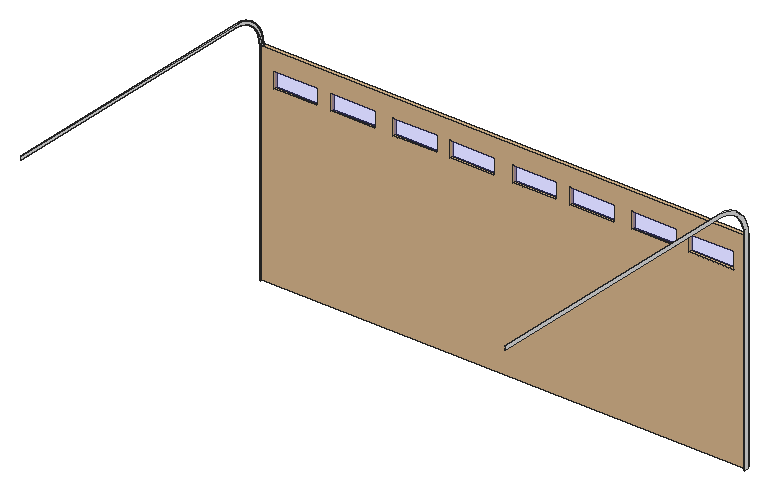
Revit family (continued)
Automatic sketch dimensions
  plane 25 to curve 62 = 0' - 1 1/2"
  curve 64 to plane 26 = 0' - 1 1/2"
  curve 56 to plane 26 = 0' - 1 1/2"
  curve 130 to plane 26 = 0' - 1 1/2"
  plane 27 to curve 23 = 0' - 1 1/2"
  plane 27 to curve 144 = 0' - 1 1/2"
  plane 27 to curve 104 = 0' - 1 1/2"
  plane 27 to curve 98 = 0' - 1 1/2"
  curve 6 to plane 28 = 0' - 1 1/2"
  curve 143 to plane 28 = 0' - 1 1/2"
  curve 21 to plane 28 = 0' - 1 1/2"
  curve 13 to plane 28 = 0' - 1 1/2"
  plane 9 to curve 329 = 0' - 2"
  plane 9 to curve 313 = 0' - 2"
  plane 9 to curve 312 = 0' - 2"
  plane 9 to curve 328 = 0' - 2"
  plane 9 to curve 345 = 0' - 2"
  plane 9 to curve 297 = 0' - 2"
  plane 9 to curve 296 = 0' - 2"
  plane 9 to curve 344 = 0' - 2"
  curve 342 to plane 23 = 0' - 2"
  curve 310 to plane 23 = 0' - 2"
  curve 295 to plane 23 = 0' - 2"
  curve 294 to plane 23 = 0' - 2"
  curve 311 to plane 23 = 0' - 2"
  curve 301 to plane 23 = 0' - 2"
  curve 326 to plane 23 = 0' - 2"
  curve 327 to plane 23 = 0' - 2"
  curve 343 to plane 23 = 0' - 2"
  plane 24 to curve 122 = 0' - 1 1/2"
  curve 123 to plane 10 = 0' - 1 1/2"
  plane 25 to curve 127 = 0' - 1 1/2"
  curve 126 to plane 26 = 0' - 1 1/2"
  curve 96 to plane 10 = 0' - 1 1/2"
Nested families (in)
  nested 1: "Door Track" at (-0.5, -64, 0), Width <- "Track Width", Height <- "Track Height", Depth <- "Track Depth", type "Door Track"
    with Width 16' - 2", Height 8' - 0", Depth 10' - 0"
Definition of nested family "Door Track"
  Parameters
    Width [instance] = 10' - 0"
    Track = Metal
    Height [instance] = 11' - 0"
    Depth [instance] = 8' - 0"
  Reference planes (in)
    plane 1 "Center (Front/Back)": y = 0
    plane 2: z = 0
    plane 3 "Center (Left/Right)": x = 0.5
    plane 4 "Back": y = 48
    plane 5 "Front": y = -48
    plane 6 "Left": x = -59.5
    plane 7 "Right": x = 60.5
    plane 8 "Top": z = 132
    plane 9 "Center (Up/Down)": z = 66
    plane 10: y = 48.75
    plane 11: y = 49.5
  Forms (in)
    Sweep 1, solid, material "Metal" <- "Track"
      path origin (60.5, 60, 48) x (0, 1, 0) y (0, 0, 1)
        loop
          line (-12, -48) -> (-12, 72)
          arc (-12, 72) -> (-15.51472, 80.48528) -> (-24, 84) r 12
          line (-24, 84) -> (-108, 84)
      profile origin (60.5, -6, 132) x (0, 0, -1) y (1, 0, 0)
        loop
          line (-1.5, 0) -> (-1.375, 0) -> (-1.375, 0.375) -> (-0.125, 0.375) -> (-0.125, 0) -> (0, 0) -> (0, 0.5) -> (-1.5, 0.5) -> (-1.5, 0)
    Sweep 2, solid, material "Metal" <- "Track"
      path origin (-59.5, 60, 48) x (0, 1, 0) y (0, 0, 1)
        loop
          line (-12, -48) -> (-12, 72)
          arc (-12, 72) -> (-15.51472, 80.48528) -> (-24, 84) r 12
          line (-24, 84) -> (-108, 84)
      profile origin (-59.5, -6, 132) x (0, 0, -1) y (1, 0, 0)
        loop
          line (-1.5, 0) -> (-1.5, -0.5) -> (0, -0.5) -> (0, 0) -> (-0.125, 0) -> (-0.125, -0.375) -> (-1.375, -0.375) -> (-1.375, 0) -> (-1.5, 0)
  Dimensions and locks (in)
    equal spacing: plane 6 "Left", plane 3 "Center (Left/Right)", plane 7 "Right"
    "Width": plane 6 "Left" to plane 7 "Right"
    equal spacing: plane 4 "Back", plane 1 "Center (Front/Back)", plane 5 "Front"
    "Depth": plane 4 "Back" to plane 5 "Front"
    "Height": plane 8 "Top" to plane 2
    equal spacing: plane 8 "Top", plane 9 "Center (Up/Down)", level
    locked: Sweep 2 sketch curve to Sweep 2 sketch curve at 0.125  (x3)
    locked: Sweep 2 sketch curve to Sweep 2 sketch curve at 0.5  (x2)
    locked: Sweep 2 sketch curve to Sweep 2 sketch curve at 1.5
    locked: Sweep 1 sketch curve to Sweep 1 sketch curve at 0.5  (x2)
    locked: Sweep 1 sketch curve to Sweep 1 sketch curve at 0.125  (x3)
    locked: Sweep 1 sketch curve to Sweep 1 sketch curve at 1.5
    equal spacing: plane 4 "Back", plane 10, plane 11
    locked: plane 10 to plane 11 at 0.75
    radius of Sweep 1 sketch curve = 1' - 0"
    radius of Sweep 2 sketch curve = 1' - 0"
    aligned and locked: plane 8 "Top" to Sweep 1 sketch curve  (x2)
    aligned and locked: plane 5 "Front" to Sweep 1 sketch curve
    aligned and locked: plane 4 "Back" to Sweep 1 sketch curve
    aligned and locked: plane 4 "Back" to Sweep 2 sketch curve
    aligned and locked: plane 5 "Front" to Sweep 2 sketch curve
    aligned and locked: level to Sweep 2 sketch curve
    aligned and locked: Sweep 2 sketch curve to profile plane  (x2)
    aligned and locked: Sweep 1 sketch curve to profile plane
    aligned and locked: plane 11 to Sweep 1
  Automatic sketch dimensions
    Sweep 1 sketch curve to level = 0' - 0"
    Sweep 2 sketch curve to plane 8 "Top" = 0' - 0"
Types (3): name | Track Width | Width
  (no name) | 16' - 2" | 16' - 0"
  7Ft H x 8Ft W | 8' - 2" | 8' - 0"
  7Ft H x 16Ft W | 16' - 2" | 16' - 0"
